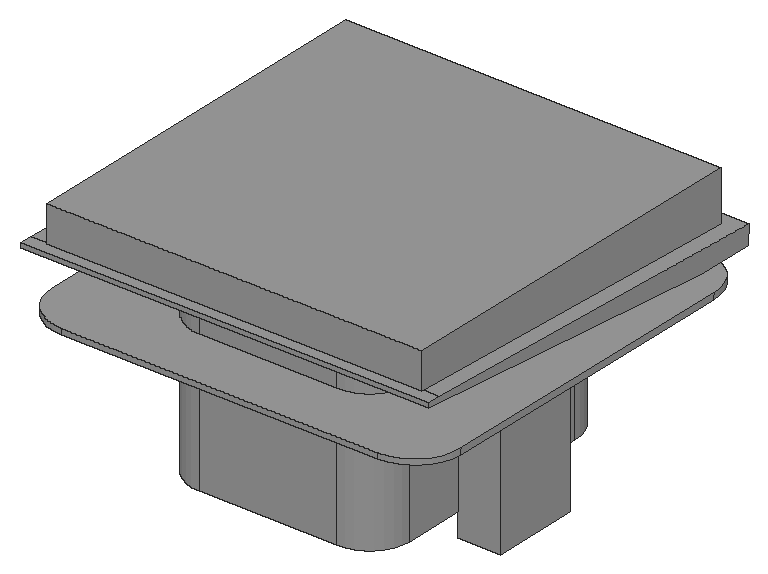
Revit family "Gira_012667", category Electrical Fixtures, host Face, Revit 2017
Family settings
  Host = Face
  Maintain Annotation Orientation = Yes
  Round Connector Dimension = Use Diameter
  Part Type = Normal
  Cut with Voids When Loaded = No
  Shared = No
  Room Calculation Point = No
Parameters (values of type "PB sw. off/2-way Gira TX_44 (WP FM) anthra.")
  With mounting plate = "No"
  Wiring system = "Two-way switch"
  Washing machine switch = "No"
  URL = "http://katalog.gira.de/en/datenblatt.html?artikelnr=012667"
  Type of fastening = "Mounting with claw and screw"
  Surface protection = "Other"
  Suitable for degree of protection (IP) = "IP44"
  Rated current = "10"
  Push button switch = "Yes"
  Number of rockers = "1"
  Number of modules (module system) = "1"
  Nominal voltage = "250"
  Name = "PB sw. off/2-way Gira TX_44 (WP FM) anthra."
  Mounting method = "Flush mounted (plaster)"
  Method of operation = "Rocker/button"
  Material quality = "Thermoplastic"
  Material = "Plastic"
  Manufacturer URL = "https://www.gira.de/"
  Manufacturer = "Gira"
  Label space/information surface = "No"
  Keynote = ""
  Illumination = "No"
  HeinzeBIM = "https://bimportal.heinze.de/bim/pb-sw-off-2-way-gira-tx-44-wp-fm-anthra-/47d0ba436702a1adcca7978639b4c042f9a18ac0"
  Halogen free = "No"
  HAN = "012667"
  GTIN = "4010337126676"
  Feedback-signal contact = "No"
  Description = "PB sw.off 2-w TX_44 AN,Pushbutton switch 10 AX 250 V~ with rocker,Universal off 2-way switch,anthracite,Notes :,- With touch-activation operation.,- Theft-prevention implemented via optional screw-in clamp piece. This makes plugging of cover frame unnecessary.,- If this switch is to be illuminated, please incorporate an indicator switch."
  Default Elevation = 1219.2 mm
  Data sheet (1) = "https://katalog.gira.de/en/download.html?artikelnr=012667"
  Connection type = "Plug clamp"
  Colour = "Anthracite"
  Category = "Switch"
  BIM (1) = "https://media.stage.bim.site/public/gira/36a6b08/TX44_Komplettgerät_Schalten und Tasten.rfa?public/gira/36a6b08/TX44_Komplettgerät_Schalten und Tasten.rfa"
  Available = "No"
  Assembly arrangement = "Basic element with central cover plate"
Reference planes
  plane 1 "Center (Front/Back)": y = 0
  plane 2 "Reference Level 0": z = 0
  plane 3 "Center (Left/Right)": x = 0
  plane 4: z = -28.6
Forms (mm)
  Extrusion 1, solid, material "Default", detail levels fine
    sketch origin (0, 0, 0) x (1, 0, 0) y (0, 1, 0)
      loop
        line (-32.604, 32.5) -> (-32.604, -32.5) -> (32.735, -32.5) -> (32.735, 32.5) -> (-32.604, 32.5)
    from 0 to 12.3
  Extrusion 2, solid, material "Default", detail levels fine
    sketch origin (0, 0, 0) x (0, 1, 0) y (0, 0, 1)
      loop
        line (35, 3.483) -> (-32.2, 6) -> (-34.55, 6) -> (-34.536, 5.199) -> (24.886, 0) -> (34.939, 0) -> (35, 3.483)
    from -35.5 to 35.5
  Extrusion 3, void
    sketch origin (0, 0, 0) x (0, 1, 0) y (0, 0, 1)
      loop
        line (42.419, 3.205) -> (-32.2, 6) -> (-42.193, 6) -> (-42.193, -11.826) -> (42.419, -11.826) -> (42.419, 3.205)
    from -64.194 to 61.264
  Extrusion 4, solid, material "Default", detail levels fine
    sketch origin (0, 0, 0) x (1, 0, 0) y (0, 1, 0)
      loop
        arc (35.5, 27.5) -> (33.157, 33.157) -> (27.5, 35.5) r 8
        line (27.5, 35.5) -> (-27.5, 35.5)
        arc (-27.5, 35.5) -> (-33.157, 33.157) -> (-35.5, 27.5) r 8
        line (-35.5, 27.5) -> (-35.5, -27.5)
        arc (-35.5, -27.5) -> (-33.157, -33.157) -> (-27.5, -35.5) r 8
        line (-27.5, -35.5) -> (27.5, -35.5)
        arc (27.5, -35.5) -> (33.157, -33.157) -> (35.5, -27.5) r 8
        line (35.5, -27.5) -> (35.5, 27.5)
    from -4.1 to -5.1
  Extrusion 5, solid, material "Default", detail levels fine
    sketch origin (0, 0, 0) x (1, 0, 0) y (0, 1, 0)
      loop
        arc (-12, 25) -> (-16.95, 22.95) -> (-19, 18) r 7
        line (-19, 18) -> (-19, -18)
        arc (-19, -18) -> (-16.95, -22.95) -> (-12, -25) r 7
        line (-12, -25) -> (12, -25)
        arc (12, -25) -> (16.95, -22.95) -> (19, -18) r 7
        line (19, -18) -> (19, 18)
        arc (19, 18) -> (16.95, 22.95) -> (12, 25) r 7
        line (12, 25) -> (-12, 25)
    from 4.692 to -28.6
  Extrusion 6, solid, material "Default", detail levels fine
    sketch origin (0, 0, 0) x (1, 0, 0) y (0, 1, 0)
      loop
        line (-26.5, -7.5) -> (-19, -7.5) -> (-19, 7.5) -> (-26.5, 7.5) -> (-26.5, -7.5)
    from -5.1 to -32.6
  Extrusion 7, solid, material "Default", detail levels fine
    sketch origin (0, 0, 0) x (-1, 0, 0) y (0, -1, 0)
      loop
        line (-26.5, 7.5) -> (-26.5, -7.5) -> (-19, -7.5) -> (-19, 7.5) -> (-26.5, 7.5)
    from -5.1 to -32.6
  Extrusion 8, solid, material "Default", detail levels medium
    sketch origin (0, 0, 0) x (1, 0, 0) y (0, 1, 0)
      loop
        line (-32.604, 32.5) -> (-32.604, -32.5) -> (32.735, -32.5) -> (32.735, 32.5) -> (-32.604, 32.5)
    from 0 to 12.3
  Extrusion 9, solid, material "Default", detail levels medium
    sketch origin (0, 0, 0) x (0, 1, 0) y (0, 0, 1)
      loop
        line (35, 3.483) -> (-32.2, 6) -> (-34.55, 6) -> (-34.445, 0) -> (34.939, 0) -> (35, 3.483)
    from -35.5 to 35.5
  Extrusion 10, solid, material "Default", detail levels medium
    sketch origin (0, 0, 0) x (1, 0, 0) y (0, 1, 0)
      loop
        line (-26.5, 25) -> (-26.5, -25) -> (26.5, -25) -> (26.5, 25) -> (-26.5, 25)
    from 4.692 to -32.6
  Extrusion 11, solid, material "Default", detail levels medium
    sketch origin (0, 0, 0) x (1, 0, 0) y (0, 1, 0)
      loop
        line (35.5, 35.5) -> (-35.5, 35.5) -> (-35.5, -35.5) -> (35.5, -35.5) -> (35.5, 35.5)
    from -4.1 to -5.1
  Extrusion 12, solid, material "Default", detail levels coarse
    sketch origin (0, 0, 0) x (1, 0, 0) y (0, 1, 0)
      loop
        line (35.5, 35.5) -> (-35.5, 35.5) -> (-35.5, -35.5) -> (35.5, -35.5) -> (35.5, 35.5)
    from -32.6 to 12.3
Cuts and joins
  Extrusion 3 cuts Extrusion 1
  joined: Extrusion 1, Extrusion 2, Extrusion 4, Extrusion 5, Extrusion 6, Extrusion 7
Dimensions and locks
  Extrusion 12 to Extrusion 12 = 44.9 mm
  aligned and locked: plane 2 "Reference Level 0" to host face
  aligned and locked: level to host face
  aligned and locked: plane 3 "Center (Left/Right)" to nested 1
  aligned and locked: plane 1 "Center (Front/Back)" to nested 1
Nested families
  nested 1: "Schalter" at (0, 0, 0), type "Schalter"
Connectors
  electrical at (0, 0, -32.6)
    settings: on Extrusion 12, index 1, voltage 220 V, apparent load 0 VA, apparent load phase1 0 VA, apparent load phase2 0 VA, apparent load phase3 0 VA, power factor 1, load classification "Other", number of poles 1, system type 30, power factor state 1, is connector primary yes, connector utility no, sub classification motor no, connector description ""
Definition of nested family "Schalter"
  Reference planes
    plane 1: y = 0
    plane 2: x = 0
  Lines and regions (mm)
    detail lines
      curve 1: circle (1.375, 2.778, 0) r 0.8 normal (0, 0, 1)
      curve 2: line (1.021, 2.061, 0) -> (0, 0, 0)
      curve 3: line (0, 0, 0) -> (-0.538, 0.266, 0)
  Dimensions and locks
    curve 2 to curve 2 = 2.3 mm
    curve 3 to curve 2 = 0.6 mm
    radius of curve 1 = 0.8 mm
